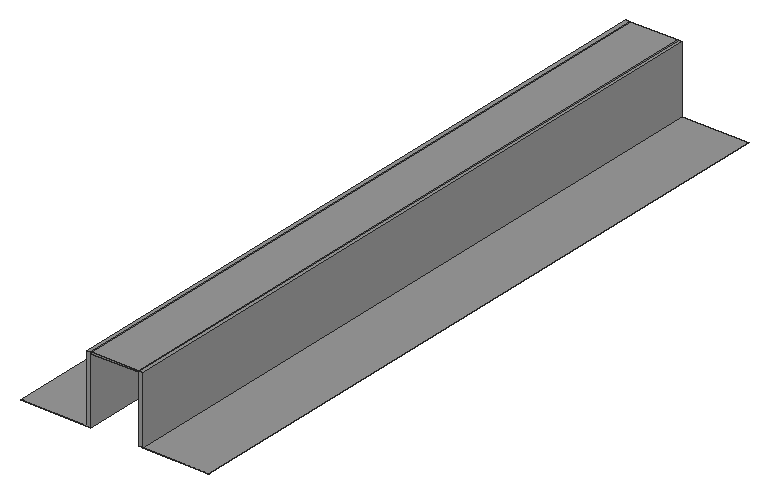
Revit family "OKA-G Installationkanal mit Gewebe_blind_rastend_Höhe 40-240mm", category Generic Models, Revit 2015
Parameters (values of type "OKA-G20040240R")
  Width = 200 mm
  URL = "http://www.obo-bettermann.com"
  Material = Steel, Galvanized
  Manufacturer Art. No. = "7424060"
  Manufacturer = "OBO Bettermann"
  Length [instance] = 2400 mm
  Height [instance] = 240 mm
  GTIN = "4012195243229"
  Article Type = "OKA-G20040240R"
Types (6, lengths in mm): name | Width | Manufacturer Art. No. | GTIN | Article Type
  (no name) | 200 | "7424060" | "4012195243229" | "OKA-G20040240R"
  OKA-G20040240R | 200 | "7424060" | "4012195243229" | "OKA-G20040240R"
  OKA-G30040240R | 300 | "7424062" | "4012195243236" | "OKA-G30040240R"
  OKA-G40040240R | 400 | "7424064" | "4012195243243" | "OKA-G40040240R"
  OKA-G50040240R | 500 | "7424066" | "4012195243274" | "OKA-G50040240R"
  OKA-G60040240R | 600 | "7424068" | "4012195243281" | "OKA-G60040240R"
Reference planes
  plane 1 "Center (Front/Back)": y = 0
  plane 2: z = 0
  plane 3 "Center (Left/Right)": x = 0
  plane 4: z = 240
  plane 5: y = -2400
  plane 6: x = 100
  plane 7: x = -100
Forms (mm)
  Extrusion 1, solid, material "Aluminum 6061"
    sketch origin (0, 0, 0) x (1, 0, 0) y (0, 0, 1)
      loop
        line (85, 240) -> (85, 0) -> (335, 0) -> (335, 1) -> (100, 1) -> (100, 240) -> (85, 240)
      loop
        line (-100, 1) -> (-335, 1) -> (-335, 0) -> (-85, 0) -> (-85, 240) -> (-100, 240) -> (-100, 1)
    from 0 to 2400
  Extrusion 2, solid, material "Steel, Galvanized" <- "Material"
    sketch origin (0, 0, 0) x (1, 0, 0) y (0, 0, 1)
      loop
        line (85, 236) -> (85, 240) -> (-85, 240) -> (-85, 236) -> (85, 236)
    from 0 to 2400
Lines and regions (mm)
  model lines
    curve 1: line (-100, 0, 240) -> (-85, 0, 240)
    curve 2: line (-85, 0, 240) -> (-85, 0, 0)
    curve 3: line (-85, 0, 0) -> (-335, 0, 0)
    curve 4: line (-335, 0, 0) -> (-335, 0, 1)
    curve 5: line (-335, 0, 1) -> (-100, 0, 1)
    curve 6: line (-100, 0, 1) -> (-100, 0, 240)
    curve 7: line (85, 0, 240) -> (85, 0, 0)
    curve 8: line (85, 0, 0) -> (335, 0, 0)
    curve 9: line (335, 0, 0) -> (335, 0, 1)
    curve 10: line (335, 0, 1) -> (100, 0, 1)
    curve 11: line (100, 0, 1) -> (100, 0, 240)
    curve 12: line (100, 0, 240) -> (85, 0, 240)
    curve 13: line (85, 0, 240) -> (85, 0, 0)
    curve 14: line (-85, 0, 0) -> (-85, 0, 240)
    curve 15: line (-85, 0, 240) -> (85, 0, 240)
    curve 16: line (-85, 0, 236) -> (85, 0, 236)
Dimensions and locks
  locked: curve 5 to curve 3 at 1
  locked: curve 2 to curve 6 at 15
  locked: curve 10 to curve 8 at 1
  locked: curve 2 to curve 4 at 250
  locked: curve 9 to curve 7 at 250
  locked: curve 11 to curve 7 at 15
  "Length": plane 1 "Center (Front/Back)" to plane 5
  equal spacing: plane 7, plane 3 "Center (Left/Right)", plane 6
  "Width": plane 7 to plane 6
  "Height": level to plane 4
  locked: curve 16 to curve 15 at 4
  aligned and locked: level to plane 2
  aligned and locked: level to curve 3
  aligned and locked: curve 6 to plane 7
  aligned and locked: curve 11 to plane 6
  aligned and locked: plane 4 to curve 1
  aligned and locked: curve 8 to level
  aligned and locked: Extrusion 1 sketch curve to curve 13
  aligned and locked: Extrusion 1 sketch curve to curve 12
  aligned and locked: Extrusion 1 sketch curve to curve 11
  aligned and locked: Extrusion 1 sketch curve to curve 10
  aligned and locked: Extrusion 1 sketch curve to curve 9
  aligned and locked: Extrusion 1 sketch curve to curve 8
  aligned and locked: Extrusion 1 sketch curve to curve 6
  aligned and locked: Extrusion 1 sketch curve to curve 14
  aligned and locked: Extrusion 1 sketch curve to curve 1
  aligned and locked: Extrusion 1 sketch curve to curve 5
  aligned and locked: Extrusion 1 sketch curve to curve 3
  aligned and locked: Extrusion 1 sketch curve to curve 4
  aligned and locked: Extrusion 1 to plane 5
  aligned and locked: Extrusion 2 sketch curve to curve 16
  aligned and locked: Extrusion 2 sketch curve to curve 15
  aligned and locked: Extrusion 2 sketch curve to curve 2
  aligned and locked: Extrusion 2 sketch curve to curve 7
  aligned and locked: Extrusion 2 to plane 5
